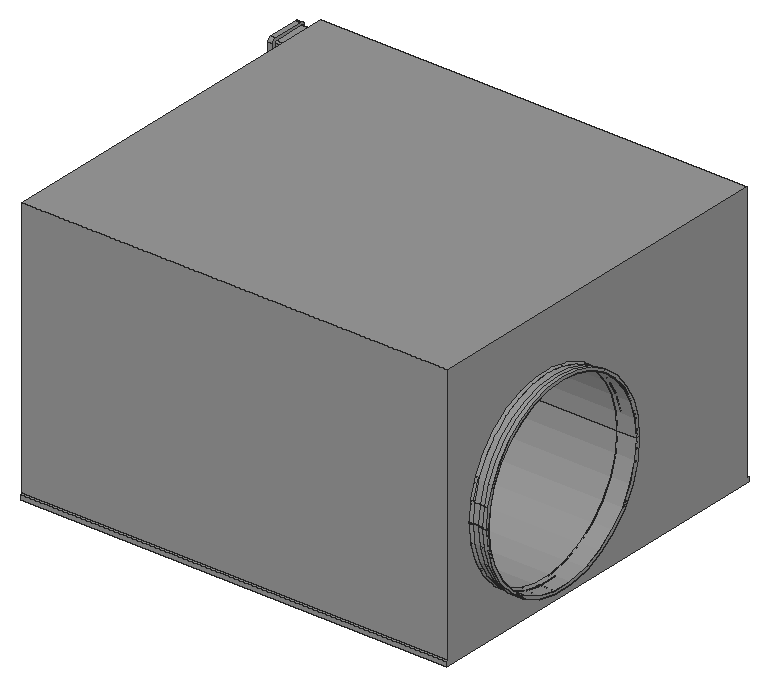
Revit family "IRB 400 B3 EC_7890038", category Mechanical Equipment, Revit 2014
Parameters (values of type "IRB 400 B3 EC")
  Wiring diagram = "4040147"
  Width = 995 mm
  Weight = 60.70 kg
  Voltage range = "380-480 V"
  Voltage = 400 V
  Speed = "1800 rpm"
  Sound pressure level at 3 m = "63 dB(A)"
  Power = 1270 W
  Phase = 3
  Max. temperature of transported air when speed controlled = 60 °C
  Max. temperature of transported air = 60 °C
  Main Material = Steel, Galvanized
  Height = 808 mm
  Frequency = 50 Hz
  Elevation [instance] = 2600 mm
  Diameter = 400 mm
  Description = "Insulated duct fans with circular connections"
  Depth = 567 mm
  Current = 1.96 A
  Capacitor = "- µF"
Reference planes
  plane 1 "Center (Front/Back)": y = 0
  plane 2: z = 0
  plane 3 "Center (Left/Right)": x = 0
  plane 4: z = 2600
Dimensions and locks
  "Elevation": plane 4 to plane 2
  aligned and locked: level to plane 2
  aligned and locked: plane 3 "Center (Left/Right)" to nested 1
  aligned and locked: plane 1 "Center (Front/Back)" to nested 1
  aligned and locked: nested 1 to nested 2  (x2)
  aligned and locked: nested 1 to plane 4
Nested families
  nested 1: "IRB" at (0, 0, 2600), type "IRB"
  nested 2: "Flow direction symbol" at (0, 0, 0), type "Flow direction symbol"
Connectors
  electrical at (-497.5, 352.5, 3115.5), driven by "Phase", driven by "Voltage", driven by "Power"
    settings: on nested 1, index 1, voltage 400 V, apparent load 0 VA, apparent load phase1 1270 VA, apparent load phase2 0 VA, apparent load phase3 0 VA, power factor 1, load classification "Other", number of poles 3, system type 31, power factor state 1, is connector primary yes, connector utility no, sub classification motor no, connector description ""
  hvac at (-497.5, -144.5, 2851.995), driven by "Diameter"
    settings: on nested 1, index 4, duct flow 0.0 L/s, flow factor 0, pres drop 0.0 Pa, loss coef 0, conn angle 0.00°, conn width 304.8 mm, conn height 304.8 mm, conn diameter 400 mm, duct sys type 1, conn prof type 0, flow config 0, flow direction 1, loss method 0, conn ref index -1, conn util no, is conn primary yes, conn desc ""
  hvac at (497.5, -144.5, 2851.995), driven by "Diameter"
    settings: on nested 1, index 5, duct flow 0.0 L/s, flow factor 0, pres drop 0.0 Pa, loss coef 0, conn angle 0.00°, conn width 304.8 mm, conn height 304.8 mm, conn diameter 400 mm, duct sys type 3, conn prof type 0, flow config 0, flow direction 2, loss method 0, conn ref index -1, conn util no, is conn primary no, conn desc ""
Definition of nested family "IRB"
  Parameters (values of type "IRB")
    Width = 995 mm
    Main Material = Steel, Galvanized
    Height = 808 mm
    Description = ""
    Depth = 567 mm
  Reference planes
    plane 1 "Center (Front/Back)": y = 0
    plane 2: z = 0
    plane 3 "Center (Left/Right)": x = 0
    plane 4: z = 567
    plane 5 "Horizontal Pipe Axis": z = 316
    plane 6: z = 10
    plane 7: z = 557
    plane 8: x = -456
    plane 9: x = 456
    plane 10: x = -497.5
    plane 11: x = 497.5
    plane 12: y = 404
    plane 13: y = -404
    plane 14: y = 394
    plane 15: x = -487.5
    plane 16: y = -144
  Forms (mm)
    Extrusion 1, solid, material "Steel, Galvanized" <- "Main Material", detail levels medium+fine
      sketch origin (0, 0, 0) x (0, 1, 0) y (0, 0, 1)
        loop
          line (-404, 0) -> (404, 0) -> (404, 10) -> (399, 10) -> (399, 11) -> (399, 567) -> (-399, 567) -> (-399, 10) -> (-404, 10) -> (-404, 0)
      from -456 to 456
    Extrusion 2, void
      sketch origin (0, 64.5, -65.499) x (0, 1, 0) y (0, 0, 1)
        loop
          circle (-209.5, 316.497) r 199
      from -809.837 to 500.936
    Extrusion 3, solid, material "Steel, Galvanized" <- "Main Material", detail levels coarse
      sketch origin (0, 66, -63.157) x (0, 1, 0) y (0, 0, -1)
        loop
          circle (-208.916, -314.143) r 199
      from 456 to 497.5
    Extrusion 4, solid, material "Steel, Galvanized" <- "Main Material", detail levels coarse
      sketch origin (0, 0, 0) x (0, 1, 0) y (0, 0, 1)
        loop
          line (404, 567) -> (-404, 567) -> (-404, 0) -> (404, 0) -> (404, 567)
      from -456 to 456
    Sweep 5, solid, material "Plastic, Opaque White", detail levels fine
      path origin (0, 0, 0) x (1, 0, 0) y (0, 1, 0)
        loop
          line (-487.5, 394) -> (-497.5, 394)
      profile origin (-492.5, 394, 0) x (0, -1, 0) y (0, 0, 1)
        loop
          arc (8.073, 557) -> (2.365, 554.635) -> (0, 548.927) r 8.073
          line (0, 548.927) -> (0, 482.073)
          arc (0, 482.073) -> (2.365, 476.365) -> (8.073, 474) r 8.073
          line (8.073, 474) -> (74.927, 474)
          arc (74.927, 474) -> (80.635, 476.365) -> (83, 482.073) r 8.073
          line (83, 482.073) -> (83, 548.927)
          arc (83, 548.927) -> (80.635, 554.635) -> (74.927, 557) r 8.073
          line (74.927, 557) -> (8.073, 557)
    Sweep 6, solid, material "Plastic, Opaque White", detail levels fine
      path origin (0, 0, 0) x (1, 0, 0) y (0, 1, 0)
        loop
          line (-487.5, 352.5) -> (-456, 352.5)
      profile origin (-471.75, 352.5, 0) x (0, 1, 0) y (0, 0, 1)
        loop
          line (33.427, 552) -> (-33.427, 552)
          arc (-33.427, 552) -> (-35.6, 551.1) -> (-36.5, 548.927) r 3.073
          line (-36.5, 548.927) -> (-36.5, 482.073)
          arc (-36.5, 482.073) -> (-35.6, 479.9) -> (-33.427, 479) r 3.073
          line (-33.427, 479) -> (33.427, 479)
          arc (33.427, 479) -> (35.6, 479.9) -> (36.5, 482.073) r 3.073
          line (36.5, 482.073) -> (36.5, 548.927)
          arc (36.5, 548.927) -> (35.6, 551.1) -> (33.427, 552) r 3.073
    Extrusion 7, solid, material "Steel, Galvanized" <- "Main Material", detail levels coarse
      sketch origin (0, 66, -63.157) x (0, 1, 0) y (0, 0, 1)
        loop
          circle (-208.916, 314.143) r 199
      from 456 to 497.5
    Extrusion 8, void, detail levels medium+fine
      sketch origin (0, 64.5, -25.499) x (0, 1, 0) y (0, 0, 1)
        loop
          circle (-209.5, 277.499) r 198
      from -809.837 to 500.936
    Extrusion 9, solid, material "Steel, Galvanized" <- "Main Material", detail levels coarse
      sketch origin (0, 66, -23.157) x (0, 1, 0) y (0, 0, -1)
        loop
          circle (-208.916, -277.262) r 198
      from 456 to 497.5
    Revolve 10, solid, material "Steel, Galvanized" <- "Main Material", detail levels medium+fine
      sketch origin (0, 34.5, 252) x (-1, 0, 0) y (0, -1, 0)
        loop
          line (497.5, -25.5) -> (497.5, 178.5) -> (456, 178.5) -> (456, -21.5)
          arc (456, -21.5) -> (460.25, -23.5) -> (464.5, -21.5) r 5.516
          line (464.5, -21.5) -> (479.5, -21.5) -> (479.5, -23.5) -> (489.5, -23.5) -> (489.5, -25.5) -> (497.5, -25.5)
        axis (456, 178.5) -> (497.5, 178.5)
      angle from 0 to 360
    Revolve 11, solid, material "Steel, Galvanized" <- "Main Material", detail levels medium+fine
      sketch origin (0, 0, 252) x (1, 0, 0) y (0, 1, 0)
        loop
          line (497.5, 60) -> (489.5, 60) -> (489.5, 58) -> (479.5, 58) -> (479.5, 56) -> (464.5, 56)
          arc (464.5, 56) -> (460.25, 58) -> (456, 56) r 5.516
          line (456, 56) -> (456, -144) -> (497.5, -144) -> (497.5, 60)
        axis (456, -144) -> (497.5, -144)
      angle from 0 to 360
    Extrusion 12, solid, material "Steel, Galvanized" <- "Main Material", detail levels coarse
      sketch origin (0, 66, -23.157) x (0, 1, 0) y (0, 0, 1)
        loop
          circle (-208.916, 277.262) r 198
      from 456 to 497.5
    Extrusion 13, void
      sketch origin (0, 64.5, -26.502) x (0, 1, 0) y (0, 0, 1)
        loop
          circle (-209.5, 277.499) r 199
      from -809.837 to 500.936
    Revolve 14, solid, material "Steel, Galvanized" <- "Main Material", detail levels medium+fine
      sketch origin (0, 34.5, 250.997) x (-1, 0, 0) y (0, -1, 0)
        loop
          line (497.5, -25.5) -> (497.5, 178.5) -> (456, 178.5) -> (456, -21.5)
          arc (456, -21.5) -> (460.25, -23.5) -> (464.5, -21.5) r 5.516
          line (464.5, -21.5) -> (479.5, -21.5) -> (479.5, -23.5) -> (489.5, -23.5) -> (489.5, -25.5) -> (497.5, -25.5)
        axis (456, 178.5) -> (497.5, 178.5)
      angle from 0 to 360
    Revolve 15, solid, material "Steel, Galvanized" <- "Main Material", detail levels medium+fine
      sketch origin (0, 0, 250.997) x (1, 0, 0) y (0, 1, 0)
        loop
          line (497.5, 60) -> (489.5, 60) -> (489.5, 58) -> (479.5, 58) -> (479.5, 56) -> (464.5, 56)
          arc (464.5, 56) -> (460.25, 58) -> (456, 56) r 5.516
          line (456, 56) -> (456, -144) -> (497.5, -144) -> (497.5, 60)
        axis (456, -144) -> (497.5, -144)
      angle from 0 to 360
    Extrusion 16, void
      sketch origin (0, 64.5, -25.504) x (0, 1, 0) y (0, 0, 1)
        loop
          circle (-209.5, 277.499) r 199
      from -809.837 to 500.936
    Revolve 17, solid, material "Steel, Galvanized" <- "Main Material", detail levels medium+fine
      sketch origin (0, 34.5, 251.995) x (-1, 0, 0) y (0, -1, 0)
        loop
          line (497.5, -25.5) -> (497.5, 178.5) -> (456, 178.5) -> (456, -21.5)
          arc (456, -21.5) -> (460.25, -23.5) -> (464.5, -21.5) r 5.516
          line (464.5, -21.5) -> (479.5, -21.5) -> (479.5, -23.5) -> (489.5, -23.5) -> (489.5, -25.5) -> (497.5, -25.5)
        axis (456, 178.5) -> (497.5, 178.5)
      angle from 0 to 360
    Revolve 18, solid, material "Steel, Galvanized" <- "Main Material", detail levels medium+fine
      sketch origin (0, 0, 251.995) x (1, 0, 0) y (0, 1, 0)
        loop
          line (497.5, 60) -> (489.5, 60) -> (489.5, 58) -> (479.5, 58) -> (479.5, 56) -> (464.5, 56)
          arc (464.5, 56) -> (460.25, 58) -> (456, 56) r 5.516
          line (456, 56) -> (456, -144) -> (497.5, -144) -> (497.5, 60)
        axis (456, -144) -> (497.5, -144)
      angle from 0 to 360
  Cuts and joins
    Extrusion 2 cuts Extrusion 1
    joined: Sweep 5, Sweep 6
    Extrusion 8 cuts Extrusion 4
    Extrusion 8 cuts Revolve 10
    Extrusion 8 cuts Revolve 11
    Extrusion 13 cuts Revolve 14
    Extrusion 13 cuts Revolve 15
    Extrusion 16 cuts Revolve 17
    Extrusion 16 cuts Revolve 18
  Dimensions and locks
    equal spacing: plane 10, plane 3 "Center (Left/Right)", plane 11
    "Width": plane 10 to plane 11
    "Depth": plane 4 to level
    locked: plane 12 to plane 14 at 10
    locked: plane 4 to plane 7 at 10
    locked: plane 10 to plane 15 at 10
    locked: plane 10 to plane 8 at 41.5
    locked: plane 9 to plane 11 at 41.5
    locked: Sweep 6 sketch curve to plane 7 at 5
    locked: plane 14 to Sweep 6 sketch curve at 5
    plane 4 to plane 5 "Horizontal Pipe Axis" = 251 mm
    equal spacing: plane 12, plane 1 "Center (Front/Back)", plane 13
    "Height": plane 12 to plane 13
    aligned and locked: level to plane 2
    aligned and locked: Extrusion 1 sketch curve to plane 13
    aligned and locked: plane 2 to Extrusion 1 sketch curve
    aligned and locked: Extrusion 1 sketch curve to plane 12
    aligned and locked: Extrusion 1 to plane 9
    aligned and locked: Extrusion 1 to plane 8
    aligned and locked: Extrusion 3 to plane 10
    aligned and locked: plane 8 to Extrusion 3
    aligned and locked: Extrusion 3 to plane 8
    aligned and locked: plane 4 to Extrusion 4 sketch curve
    aligned and locked: plane 12 to Extrusion 4 sketch curve
    aligned and locked: Extrusion 4 to plane 8
    aligned and locked: Extrusion 4 to plane 9
    aligned and locked: plane 10 to Sweep 5 sketch curve
    aligned and locked: plane 15 to Sweep 5 sketch curve
    aligned and locked: Sweep 5 sketch curve to plane 7
    aligned and locked: Sweep 5 sketch curve to plane 14
    aligned and locked: plane 8 to Sweep 6 sketch curve
    aligned and locked: plane 15 to Sweep 6 sketch curve
  Automatic sketch dimensions
    Extrusion 1 sketch curve to plane 4 = 0 mm
    Extrusion 1 sketch curve to plane 6 = 0 mm  (x2)
    Extrusion 1 sketch curve to plane 13 = 5 mm
    Extrusion 1 sketch curve to plane 12 = 5 mm
    Extrusion 1 sketch curve to Extrusion 1 sketch curve = 1 mm
    Extrusion 2 sketch curve to plane 16 = 1 mm
    Extrusion 2 sketch curve to plane 5 "Horizontal Pipe Axis" = 65.003 mm
    plane 16 to Extrusion 3 sketch curve = 1.084 mm
    Extrusion 3 sketch curve to plane 5 "Horizontal Pipe Axis" = 65.013 mm
    Extrusion 4 sketch curve to plane 13 = 0 mm
    Extrusion 4 sketch curve to level = 0 mm
    Sweep 5 sketch curve to plane 14 = 0 mm
    Sweep 5 sketch curve to profile plane = 8.073 mm  (x2)
    Sweep 5 sketch curve to Sweep 5 sketch curve = 66.854 mm  (x3)
    Sweep 5 sketch curve to Sweep 5 sketch curve = 8.073 mm
    Sweep 6 sketch curve to plane 14 = 41.5 mm
    Sweep 6 sketch curve to Sweep 6 sketch curve = 3.073 mm  (x3)
    profile plane to Sweep 6 sketch curve = 33.427 mm  (x2)
    Sweep 6 sketch curve to Sweep 6 sketch curve = 66.854 mm
    plane 16 to Extrusion 7 sketch curve = 1.084 mm
    Extrusion 7 sketch curve to plane 5 "Horizontal Pipe Axis" = 65.013 mm
    Extrusion 8 sketch curve to plane 16 = 1 mm
    Extrusion 8 sketch curve to plane 5 "Horizontal Pipe Axis" = 64 mm
    plane 16 to Extrusion 9 sketch curve = 1.084 mm
    Extrusion 9 sketch curve to plane 5 "Horizontal Pipe Axis" = 61.894 mm
    Revolve 10 sketch curve to plane 8 = 0 mm  (x2)
    Revolve 10 sketch curve to plane 10 = 0 mm
    Revolve 10 sketch curve to plane 16 = 0 mm  (x2)
    Revolve 10 sketch curve to plane 8 = 4.25 mm
    Revolve 10 sketch curve to Revolve 10 sketch curve = 4.25 mm
    plane 15 to Revolve 10 sketch curve = 8 mm
    Revolve 10 sketch curve to plane 15 = 2 mm
    Revolve 10 sketch curve to plane 1 "Center (Front/Back)" = 52.485 mm
    Revolve 10 sketch curve to Revolve 10 sketch curve = 3.515 mm
    Revolve 10 sketch curve to Revolve 10 sketch curve = 2 mm  (x2)
    Revolve 10 sketch curve to Revolve 10 sketch curve = 93.5 mm
    Revolve 11 sketch curve to plane 9 = 0 mm  (x2)
    Revolve 11 sketch curve to plane 11 = 0 mm
    Revolve 11 sketch curve to plane 16 = 0 mm  (x2)
    Revolve 11 sketch curve to plane 9 = 4.25 mm
    Revolve 11 sketch curve to Revolve 11 sketch curve = 4.25 mm
    Revolve 11 sketch curve to Revolve 11 sketch curve = 15 mm
    plane 11 to Revolve 11 sketch curve = 8 mm
    Revolve 11 sketch curve to plane 1 "Center (Front/Back)" = 52.485 mm
    Revolve 11 sketch curve to Revolve 11 sketch curve = 3.515 mm
    Revolve 11 sketch curve to Revolve 11 sketch curve = 2 mm  (x2)
    Revolve 11 sketch curve to Revolve 11 sketch curve = 93.5 mm
    plane 16 to Extrusion 12 sketch curve = 1.084 mm
    Extrusion 12 sketch curve to plane 5 "Horizontal Pipe Axis" = 61.894 mm
    Extrusion 13 sketch curve to plane 16 = 1 mm
    Extrusion 13 sketch curve to plane 5 "Horizontal Pipe Axis" = 65.003 mm
    Revolve 14 sketch curve to plane 8 = 0 mm  (x2)
    Revolve 14 sketch curve to plane 10 = 0 mm
    Revolve 14 sketch curve to plane 16 = 0 mm  (x2)
    Revolve 14 sketch curve to plane 8 = 4.25 mm
    Revolve 14 sketch curve to Revolve 14 sketch curve = 4.25 mm
    plane 15 to Revolve 14 sketch curve = 8 mm
    Revolve 14 sketch curve to plane 15 = 2 mm
    Revolve 14 sketch curve to plane 1 "Center (Front/Back)" = 52.485 mm
    Revolve 14 sketch curve to Revolve 14 sketch curve = 3.515 mm
    Revolve 14 sketch curve to Revolve 14 sketch curve = 2 mm  (x2)
    Revolve 14 sketch curve to Revolve 14 sketch curve = 93.5 mm
    Revolve 15 sketch curve to plane 9 = 0 mm  (x2)
    Revolve 15 sketch curve to plane 11 = 0 mm
    Revolve 15 sketch curve to plane 16 = 0 mm  (x2)
    Revolve 15 sketch curve to plane 9 = 4.25 mm
    Revolve 15 sketch curve to Revolve 15 sketch curve = 4.25 mm
    Revolve 15 sketch curve to Revolve 15 sketch curve = 15 mm
    plane 11 to Revolve 15 sketch curve = 8 mm
    Revolve 15 sketch curve to plane 1 "Center (Front/Back)" = 52.485 mm
    Revolve 15 sketch curve to Revolve 15 sketch curve = 3.515 mm
    Revolve 15 sketch curve to Revolve 15 sketch curve = 2 mm  (x2)
    Revolve 15 sketch curve to Revolve 15 sketch curve = 93.5 mm
    Extrusion 16 sketch curve to plane 16 = 1 mm
    Extrusion 16 sketch curve to plane 5 "Horizontal Pipe Axis" = 64.005 mm
    Revolve 17 sketch curve to plane 8 = 0 mm  (x2)
    Revolve 17 sketch curve to plane 10 = 0 mm
    Revolve 17 sketch curve to plane 16 = 0 mm  (x2)
    Revolve 17 sketch curve to plane 8 = 4.25 mm
    Revolve 17 sketch curve to Revolve 17 sketch curve = 4.25 mm
    plane 15 to Revolve 17 sketch curve = 8 mm
    Revolve 17 sketch curve to plane 15 = 2 mm
    Revolve 17 sketch curve to plane 1 "Center (Front/Back)" = 52.485 mm
    Revolve 17 sketch curve to Revolve 17 sketch curve = 3.515 mm
    Revolve 17 sketch curve to Revolve 17 sketch curve = 2 mm  (x2)
    Revolve 17 sketch curve to Revolve 17 sketch curve = 93.5 mm
    Revolve 18 sketch curve to plane 9 = 0 mm  (x2)
    Revolve 18 sketch curve to plane 11 = 0 mm
    Revolve 18 sketch curve to plane 16 = 0 mm  (x2)
    Revolve 18 sketch curve to plane 9 = 4.25 mm
    Revolve 18 sketch curve to Revolve 18 sketch curve = 4.25 mm
    Revolve 18 sketch curve to Revolve 18 sketch curve = 15 mm
    plane 11 to Revolve 18 sketch curve = 8 mm
    Revolve 18 sketch curve to plane 1 "Center (Front/Back)" = 52.485 mm
    Revolve 18 sketch curve to Revolve 18 sketch curve = 3.515 mm
    Revolve 18 sketch curve to Revolve 18 sketch curve = 2 mm  (x2)
    Revolve 18 sketch curve to Revolve 18 sketch curve = 93.5 mm
    radius of Extrusion 2 sketch curve = 199 mm
    radius of Extrusion 3 sketch curve = 199 mm
    radius of Extrusion 7 sketch curve = 199 mm
    radius of Extrusion 8 sketch curve = 198 mm
    radius of Extrusion 9 sketch curve = 198 mm
    radius of Extrusion 12 sketch curve = 198 mm
    radius of Extrusion 13 sketch curve = 199 mm
    radius of Extrusion 16 sketch curve = 199 mm
Definition of nested family "Flow direction symbol"
  Parameters (values of type "Flow direction symbol")
    Warning = "!"
    Text = "DIMENSIONS OVERCONSTRAINT"
  Reference planes
    plane 1: y = 0
    plane 2: x = 0
  Lines and regions (mm)
    detail lines
      curve 1: line (-0.506, 0.877, 0) -> (-0.506, -0.877, 0)
      curve 2: line (1.012, 0, 0) -> (-0.506, -0.877, 0)
      curve 3: line (-0.506, 0.877, 0) -> (1.012, 0, 0)
      curve 4: circle (0, 0, 0) r 1 normal (0, 0, 1)
